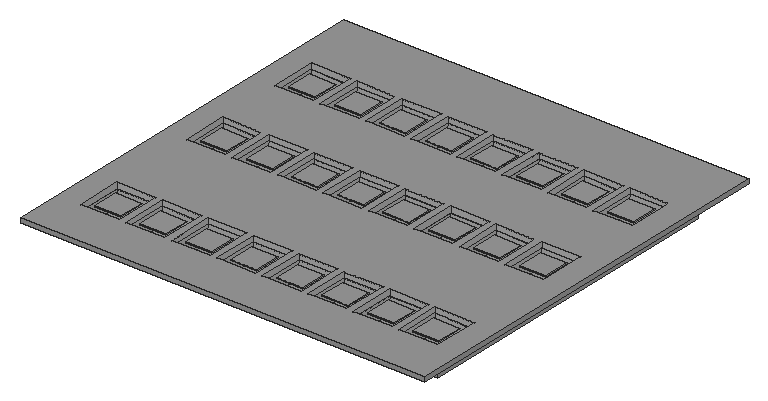
Revit family "2023871", category Lighting Fixtures, host Face, Revit 2018
Family settings
  Host = Face
  Round Connector Dimension = Use Diameter
  Part Type = Normal
  OmniClass Number = 23.80.70.00
  OmniClass Title = Lighting
  Cut with Voids When Loaded = No
  Light Source = Yes
  Shared = No
  Room Calculation Point = No
Parameters (values of type "2023871 OPTIX R 625 3L LUMI 4K ALU DA")
  Weight = "n/a"
  Wattage Comments = ""
  Wattage = 9.2903 W
  WarrantyStartDate [instance] = "n/a"
  WarrantyGuarantorParts = "n/a"
  WarrantyDurationUnit = "n/a"
  WarrantyDurationParts = ""
  WarrantyDescription = "http://www.sylvania-lighting.com"
  built-in parameter 1150110 = 1 (stored number, unit not read)
  Voltage = 0 V
  URL = "1"
  TypeName = "OPTIX RECESSED 625 3L LUMI 4K ALU DALI"
  Type Image = <None>
  Type Comments = "n/a"
  built-in parameter 1114217 = 1 (stored number, unit not read)
  Tilt Angle = -90.00°
  built-in parameter 1150109 = 1 (stored number, unit not read)
  built-in parameter 1150134 = 3
  built-in parameter 1150113 = 1 (stored number, unit not read)
  SerialNumber [instance] = "n/a"
  Photometric Web File = "2023871.ies"
  Material_3_SYL = none
  PowerFactor = 0
  PowerConsumption = "Lighting"
  NominalLength = 621 mm
  NominalHeight = 38 mm
  NominalDepth = 620 mm
  Name = "OPTIX RECESSED 625 3L LUMI 4K ALU DALI"
  ModelReference = Name  # "OPTIX RECESSED 625 3L LUMI 4K ALU DALI"
  ModelNumber = "2023871"
  Model = Name  # "OPTIX RECESSED 625 3L LUMI 4K ALU DALI"
  Material = "Feilo Sylvania"
  ManufacturerName = "102 lm/W"
  Manufacturer = ""
  LuminousEfficacy = ""
  built-in parameter 1150105 = 109.82 (stored number, unit not read)
  Lumens = 1380 lm
  LuminaireType = "0"
  built-in parameter 1150115 = 1 (stored number, unit not read)
  LightOutputRatio = "LED"
  built-in parameter 1150137 = (empty or 0)
  built-in parameter 1150139 = (empty or 0)
  LampsType = Lamp  # "n/a"
  LampNominalLuminous = "4000 K"
  LampMacAdamStep = "98"
  LampColourTemperature = "LED"
  LampColourRenderingIndex = "16500"
  built-in parameter 1150112 = 1 (stored number, unit not read)
  built-in parameter 1150114 = 1 (stored number, unit not read)
  Lamp = "n/a"
  Keynote = "n/a"
  InstallationDate [instance] = "n/a"
  InputVoltage = "0"
  InputNominalFrequency = "4000"
  built-in parameter 1150132 = (empty or 0)
  built-in parameter 1150102 = (empty or 0)
  built-in parameter 1150107 = 3200 (stored number, unit not read)
  built-in parameter 1150138 = (empty or 0)
  IngressProtection = "IfcLightFixtureType"
  ImpactProtectionIndex = "IfcLightFixtureType"
  built-in parameter 1150106 = 1.0982 (stored number, unit not read)
  IfcExportType = "IfcLightFixtureType"
  IfcExportAs = "Class I"
  Emit from Circle Diameter = 609.6 mm
  Emit Shape Visible in Rendering = no
  ElectricShockClassification = "102"
  built-in parameter 1150104 = 13.8 (stored number, unit not read)
  DocumentationLiterature = "http://www.sylvania-lighting.com/product/en-int/products/2023871"
  DimmingControlOptions = "n/a"
  Material_2_SYL = none
  Dimming Lamp Color Temperature Shift = <None>
  Description = "OPTIX RECESSED 625 3L LUMI 4000K ALU DALI is a ceiling recessed luminaire for office and education applications with Aluminised plastic extra low glare optics and RAL9016 colour fixture body. DALI dimmable. 4000K Neutral White LED, chromaticity tolerance of 3-step MacAdam ellipse. For 4000K - Colour rendering index Ra >98; Melanopic Ratio MEER: 0.776; Fidelity Index Rᶠ: 94; Gamut Index Rᶢ: 98. For 4000K luminous flux: 3750lm. Power consumption: 37W. Luminaire efficacy: 102lm/W. UGR<16 Luminance at 65°<200 Cd/m2, IK07, IP20. Photobiological safety risk group 0. Electrical protection Class I. Glow wire test 850°C. 60,000hrs L80B20 lifespan."
  Default Elevation = 1219.2 mm
  CreatedOn = "13/10/2022"
  CreatedBy = "@sylvania-lighting.com"
  Cost = 0
  Color Filter = 16777215
  built-in parameter 1114216 [instance] = (empty or 0)
  ClassificationValue = "EF_70_80"
  ClassificationName = "Uniclass2015"
  Material_1_SYL = none
  BarCode [instance] = "n/a"
  built-in parameter 1114218 = 1 (stored number, unit not read)
  built-in parameter 1150133 = 10 (stored number, unit not read)
  AssetType = "Fixed"
  AssetIdentifier [instance] = "n/a"
  Assembly Code = "D5020200"
  Apparent Load = 37 VA
  Material_4_SYL = none
Reference planes
  plane 1 "Center (Front/Back)": y = 0
  plane 2: z = 0
  plane 3 "Center (Left/Right)": x = 0
  plane 4: x = -310.5
  plane 5: x = 310.5
  plane 6: y = 310
  plane 7: y = -310
  plane 8: x = -281.5
  plane 9: x = 281.5
  plane 10: y = 250
  plane 11: y = -250
  plane 12: z = -32
  plane 13: z = 6
  plane 14: y = 204
  plane 15: y = -204
  plane 16: y = 134
  plane 17: y = -134
  plane 18: x = -280
  plane 19: x = 280
  plane 20: x = -275.2
  plane 21: x = -215.2
  plane 22: x = -205.4
  plane 23: x = -145.397
  plane 24: x = -135.597
  plane 25: x = -75.597
  plane 26: x = -65.797
  plane 27: x = -5.797
  plane 28: x = 4.003
  plane 29: x = 64.003
  plane 30: x = 73.803
  plane 31: x = 143.603
  plane 32: x = 133.803
  plane 33: x = 203.603
  plane 34: x = 213.403
  plane 35: x = 273.403
  plane 36: y = 149
  plane 37: y = 189
  plane 38: x = -225.2
  plane 39: x = -265.2
  plane 40: y = 169
  plane 41: y = 35
  plane 42: y = -35
  plane 43: x = -275.2
  plane 44: x = -215.2
  plane 45: x = -205.4
  plane 46: x = -145.397
  plane 47: x = -135.597
  plane 48: x = -75.597
  plane 49: x = -65.797
  plane 50: x = -5.797
  plane 51: x = 4.003
  plane 52: x = 64.003
  plane 53: x = 73.803
  plane 54: x = 143.603
  plane 55: x = 133.803
  plane 56: x = 203.603
  plane 57: x = 213.403
  plane 58: x = 273.403
  plane 59: y = -20
  plane 60: y = 20
  plane 61: x = -225.2
  plane 62: x = -265.2
  plane 63: y = 0
  plane 64: x = -275.2
  plane 65: x = -215.2
  plane 66: x = -205.4
  plane 67: x = -145.397
  plane 68: x = -135.597
  plane 69: x = -75.597
  plane 70: x = -65.797
  plane 71: x = -5.797
  plane 72: x = 4.003
  plane 73: x = 64.003
  plane 74: x = 73.803
  plane 75: x = 143.603
  plane 76: x = 133.803
  plane 77: x = 203.603
  plane 78: x = 213.403
  plane 79: x = 273.403
  plane 80: y = -224
  plane 81: y = -184
  plane 82: x = -225.2
  plane 83: x = -265.2
Forms (mm)
  Extrusion 1, solid, material "Aluminum", detail levels medium+fine
    sketch origin (0, 0, 0) x (1, 0, 0) y (0, 1, 0)
      loop
        line (-310.5, 310) -> (-310.5, -310) -> (310.5, -310) -> (310.5, 310) -> (-310.5, 310)
    from 0 to 6
  Extrusion 2, solid, material "Aluminum", detail levels medium+fine
    sketch origin (0, 0, 0) x (1, 0, 0) y (0, 1, 0)
      loop
        line (-281.5, 250) -> (-281.5, -250) -> (281.5, -250) -> (281.5, 250) -> (-281.5, 250)
    from 0 to -32
  Blend 3, void
    base sketch origin (0, 0, 0) x (1, 0, 0) y (0, 1, 0)
      loop
        line (-275.2, 204) -> (-275.2, 134) -> (-215.2, 134) -> (-215.2, 204) -> (-275.2, 204)
    top sketch origin (0, 0, 0) x (1, 0, 0) y (0, 1, 0)
      loop
        line (-265.2, 189) -> (-265.2, 149) -> (-225.2, 149) -> (-225.2, 189) -> (-265.2, 189)
    from 6 to -19
  Blend 4, void
    base sketch origin (69.8, 0, 0) x (1, 0, 0) y (0, 1, 0)
      loop
        line (-275.2, 204) -> (-275.2, 134) -> (-215.2, 134) -> (-215.2, 204) -> (-275.2, 204)
    top sketch origin (69.8, 0, 0) x (1, 0, 0) y (0, 1, 0)
      loop
        line (-265.2, 189) -> (-265.2, 149) -> (-225.2, 149) -> (-225.2, 189) -> (-265.2, 189)
    from 6 to -19
  Blend 5, void
    base sketch origin (139.603, 0, 0) x (1, 0, 0) y (0, 1, 0)
      loop
        line (-275.2, 204) -> (-275.2, 134) -> (-215.2, 134) -> (-215.2, 204) -> (-275.2, 204)
    top sketch origin (139.603, 0, 0) x (1, 0, 0) y (0, 1, 0)
      loop
        line (-265.2, 189) -> (-265.2, 149) -> (-225.2, 149) -> (-225.2, 189) -> (-265.2, 189)
    from 6 to -19
  Blend 6, void
    base sketch origin (209.403, 0, 0) x (1, 0, 0) y (0, 1, 0)
      loop
        line (-275.2, 204) -> (-275.2, 134) -> (-215.2, 134) -> (-215.2, 204) -> (-275.2, 204)
    top sketch origin (209.403, 0, 0) x (1, 0, 0) y (0, 1, 0)
      loop
        line (-265.2, 189) -> (-265.2, 149) -> (-225.2, 149) -> (-225.2, 189) -> (-265.2, 189)
    from 6 to -19
  Blend 7, void
    base sketch origin (279.203, 0, 0) x (1, 0, 0) y (0, 1, 0)
      loop
        line (-275.2, 204) -> (-275.2, 134) -> (-215.2, 134) -> (-215.2, 204) -> (-275.2, 204)
    top sketch origin (279.203, 0, 0) x (1, 0, 0) y (0, 1, 0)
      loop
        line (-265.2, 189) -> (-265.2, 149) -> (-225.2, 149) -> (-225.2, 189) -> (-265.2, 189)
    from 6 to -19
  Blend 8, void
    base sketch origin (349.003, 0, 0) x (1, 0, 0) y (0, 1, 0)
      loop
        line (-275.2, 204) -> (-275.2, 134) -> (-215.2, 134) -> (-215.2, 204) -> (-275.2, 204)
    top sketch origin (349.003, 0, 0) x (1, 0, 0) y (0, 1, 0)
      loop
        line (-265.2, 189) -> (-265.2, 149) -> (-225.2, 149) -> (-225.2, 189) -> (-265.2, 189)
    from 6 to -19
  Blend 9, void
    base sketch origin (418.803, 0, 0) x (1, 0, 0) y (0, 1, 0)
      loop
        line (-275.2, 204) -> (-275.2, 134) -> (-215.2, 134) -> (-215.2, 204) -> (-275.2, 204)
    top sketch origin (418.803, 0, 0) x (1, 0, 0) y (0, 1, 0)
      loop
        line (-265.2, 189) -> (-265.2, 149) -> (-225.2, 149) -> (-225.2, 189) -> (-265.2, 189)
    from 6 to -19
  Blend 10, void
    base sketch origin (488.603, 0, 0) x (1, 0, 0) y (0, 1, 0)
      loop
        line (-275.2, 204) -> (-275.2, 134) -> (-215.2, 134) -> (-215.2, 204) -> (-275.2, 204)
    top sketch origin (488.603, 0, 0) x (1, 0, 0) y (0, 1, 0)
      loop
        line (-265.2, 189) -> (-265.2, 149) -> (-225.2, 149) -> (-225.2, 189) -> (-265.2, 189)
    from 6 to -19
  Extrusion 11, solid, material "Glass, White, High Luminance", detail levels fine
    sketch origin (0, 0, 0) x (1, 0, 0) y (0, 1, 0)
      loop
        line (-265.2, 189) -> (-265.2, 149) -> (-225.2, 149) -> (-225.2, 189) -> (-265.2, 189)
    from 0 to 1
  Extrusion 12, solid, material "Glass, White, High Luminance", detail levels fine
    sketch origin (69.8, 0, 0) x (1, 0, 0) y (0, 1, 0)
      loop
        line (-265.2, 189) -> (-265.2, 149) -> (-225.2, 149) -> (-225.2, 189) -> (-265.2, 189)
    from 0 to 1
  Extrusion 13, solid, material "Glass, White, High Luminance", detail levels fine
    sketch origin (139.603, 0, 0) x (1, 0, 0) y (0, 1, 0)
      loop
        line (-265.2, 189) -> (-265.2, 149) -> (-225.2, 149) -> (-225.2, 189) -> (-265.2, 189)
    from 0 to 1
  Extrusion 14, solid, material "Glass, White, High Luminance", detail levels fine
    sketch origin (209.403, 0, 0) x (1, 0, 0) y (0, 1, 0)
      loop
        line (-265.2, 189) -> (-265.2, 149) -> (-225.2, 149) -> (-225.2, 189) -> (-265.2, 189)
    from 0 to 1
  Extrusion 15, solid, material "Glass, White, High Luminance", detail levels fine
    sketch origin (279.203, 0, 0) x (1, 0, 0) y (0, 1, 0)
      loop
        line (-265.2, 189) -> (-265.2, 149) -> (-225.2, 149) -> (-225.2, 189) -> (-265.2, 189)
    from 0 to 1
  Extrusion 16, solid, material "Glass, White, High Luminance", detail levels fine
    sketch origin (349.003, 0, 0) x (1, 0, 0) y (0, 1, 0)
      loop
        line (-265.2, 189) -> (-265.2, 149) -> (-225.2, 149) -> (-225.2, 189) -> (-265.2, 189)
    from 0 to 1
  Extrusion 17, solid, material "Glass, White, High Luminance", detail levels fine
    sketch origin (418.803, 0, 0) x (1, 0, 0) y (0, 1, 0)
      loop
        line (-265.2, 189) -> (-265.2, 149) -> (-225.2, 149) -> (-225.2, 189) -> (-265.2, 189)
    from 0 to 1
  Extrusion 18, solid, material "Glass, White, High Luminance", detail levels fine
    sketch origin (488.603, 0, 0) x (1, 0, 0) y (0, 1, 0)
      loop
        line (-265.2, 189) -> (-265.2, 149) -> (-225.2, 149) -> (-225.2, 189) -> (-265.2, 189)
    from 0 to 1
  Extrusion 19, solid, material "Glass, White, High Luminance", detail levels fine
    sketch origin (0, -169, 0) x (1, 0, 0) y (0, 1, 0)
      loop
        line (-265.2, 189) -> (-265.2, 149) -> (-225.2, 149) -> (-225.2, 189) -> (-265.2, 189)
    from 0 to 1
  Extrusion 20, solid, material "Glass, White, High Luminance", detail levels fine
    sketch origin (69.8, -169, 0) x (1, 0, 0) y (0, 1, 0)
      loop
        line (-265.2, 189) -> (-265.2, 149) -> (-225.2, 149) -> (-225.2, 189) -> (-265.2, 189)
    from 0 to 1
  Extrusion 21, solid, material "Glass, White, High Luminance", detail levels fine
    sketch origin (139.603, -169, 0) x (1, 0, 0) y (0, 1, 0)
      loop
        line (-265.2, 189) -> (-265.2, 149) -> (-225.2, 149) -> (-225.2, 189) -> (-265.2, 189)
    from 0 to 1
  Extrusion 22, solid, material "Glass, White, High Luminance", detail levels fine
    sketch origin (209.403, -169, 0) x (1, 0, 0) y (0, 1, 0)
      loop
        line (-265.2, 189) -> (-265.2, 149) -> (-225.2, 149) -> (-225.2, 189) -> (-265.2, 189)
    from 0 to 1
  Extrusion 23, solid, material "Glass, White, High Luminance", detail levels fine
    sketch origin (279.203, -169, 0) x (1, 0, 0) y (0, 1, 0)
      loop
        line (-265.2, 189) -> (-265.2, 149) -> (-225.2, 149) -> (-225.2, 189) -> (-265.2, 189)
    from 0 to 1
  Extrusion 24, solid, material "Glass, White, High Luminance", detail levels fine
    sketch origin (349.003, -169, 0) x (1, 0, 0) y (0, 1, 0)
      loop
        line (-265.2, 189) -> (-265.2, 149) -> (-225.2, 149) -> (-225.2, 189) -> (-265.2, 189)
    from 0 to 1
  Extrusion 25, solid, material "Glass, White, High Luminance", detail levels fine
    sketch origin (418.803, -169, 0) x (1, 0, 0) y (0, 1, 0)
      loop
        line (-265.2, 189) -> (-265.2, 149) -> (-225.2, 149) -> (-225.2, 189) -> (-265.2, 189)
    from 0 to 1
  Extrusion 26, solid, material "Glass, White, High Luminance", detail levels fine
    sketch origin (488.603, -169, 0) x (1, 0, 0) y (0, 1, 0)
      loop
        line (-265.2, 189) -> (-265.2, 149) -> (-225.2, 149) -> (-225.2, 189) -> (-265.2, 189)
    from 0 to 1
  Blend 27, void
    base sketch origin (0, -169, 0) x (1, 0, 0) y (0, 1, 0)
      loop
        line (-275.2, 204) -> (-275.2, 134) -> (-215.2, 134) -> (-215.2, 204) -> (-275.2, 204)
    top sketch origin (0, -169, 0) x (1, 0, 0) y (0, 1, 0)
      loop
        line (-265.2, 189) -> (-265.2, 149) -> (-225.2, 149) -> (-225.2, 189) -> (-265.2, 189)
    from 6 to -19
  Blend 28, void
    base sketch origin (69.8, -169, 0) x (1, 0, 0) y (0, 1, 0)
      loop
        line (-275.2, 204) -> (-275.2, 134) -> (-215.2, 134) -> (-215.2, 204) -> (-275.2, 204)
    top sketch origin (69.8, -169, 0) x (1, 0, 0) y (0, 1, 0)
      loop
        line (-265.2, 189) -> (-265.2, 149) -> (-225.2, 149) -> (-225.2, 189) -> (-265.2, 189)
    from 6 to -19
  Blend 29, void
    base sketch origin (139.603, -169, 0) x (1, 0, 0) y (0, 1, 0)
      loop
        line (-275.2, 204) -> (-275.2, 134) -> (-215.2, 134) -> (-215.2, 204) -> (-275.2, 204)
    top sketch origin (139.603, -169, 0) x (1, 0, 0) y (0, 1, 0)
      loop
        line (-265.2, 189) -> (-265.2, 149) -> (-225.2, 149) -> (-225.2, 189) -> (-265.2, 189)
    from 6 to -19
  Blend 30, void
    base sketch origin (209.403, -169, 0) x (1, 0, 0) y (0, 1, 0)
      loop
        line (-275.2, 204) -> (-275.2, 134) -> (-215.2, 134) -> (-215.2, 204) -> (-275.2, 204)
    top sketch origin (209.403, -169, 0) x (1, 0, 0) y (0, 1, 0)
      loop
        line (-265.2, 189) -> (-265.2, 149) -> (-225.2, 149) -> (-225.2, 189) -> (-265.2, 189)
    from 6 to -19
  Blend 31, void
    base sketch origin (279.203, -169, 0) x (1, 0, 0) y (0, 1, 0)
      loop
        line (-275.2, 204) -> (-275.2, 134) -> (-215.2, 134) -> (-215.2, 204) -> (-275.2, 204)
    top sketch origin (279.203, -169, 0) x (1, 0, 0) y (0, 1, 0)
      loop
        line (-265.2, 189) -> (-265.2, 149) -> (-225.2, 149) -> (-225.2, 189) -> (-265.2, 189)
    from 6 to -19
  Blend 32, void
    base sketch origin (349.003, -169, 0) x (1, 0, 0) y (0, 1, 0)
      loop
        line (-275.2, 204) -> (-275.2, 134) -> (-215.2, 134) -> (-215.2, 204) -> (-275.2, 204)
    top sketch origin (349.003, -169, 0) x (1, 0, 0) y (0, 1, 0)
      loop
        line (-265.2, 189) -> (-265.2, 149) -> (-225.2, 149) -> (-225.2, 189) -> (-265.2, 189)
    from 6 to -19
  Blend 33, void
    base sketch origin (418.803, -169, 0) x (1, 0, 0) y (0, 1, 0)
      loop
        line (-275.2, 204) -> (-275.2, 134) -> (-215.2, 134) -> (-215.2, 204) -> (-275.2, 204)
    top sketch origin (418.803, -169, 0) x (1, 0, 0) y (0, 1, 0)
      loop
        line (-265.2, 189) -> (-265.2, 149) -> (-225.2, 149) -> (-225.2, 189) -> (-265.2, 189)
    from 6 to -19
  Blend 34, void
    base sketch origin (488.603, -169, 0) x (1, 0, 0) y (0, 1, 0)
      loop
        line (-275.2, 204) -> (-275.2, 134) -> (-215.2, 134) -> (-215.2, 204) -> (-275.2, 204)
    top sketch origin (488.603, -169, 0) x (1, 0, 0) y (0, 1, 0)
      loop
        line (-265.2, 189) -> (-265.2, 149) -> (-225.2, 149) -> (-225.2, 189) -> (-265.2, 189)
    from 6 to -19
  Extrusion 35, solid, material "Glass, White, High Luminance", detail levels fine
    sketch origin (0, -373, 0) x (1, 0, 0) y (0, 1, 0)
      loop
        line (-265.2, 189) -> (-265.2, 149) -> (-225.2, 149) -> (-225.2, 189) -> (-265.2, 189)
    from 0 to 1
  Extrusion 36, solid, material "Glass, White, High Luminance", detail levels fine
    sketch origin (69.8, -373, 0) x (1, 0, 0) y (0, 1, 0)
      loop
        line (-265.2, 189) -> (-265.2, 149) -> (-225.2, 149) -> (-225.2, 189) -> (-265.2, 189)
    from 0 to 1
  Extrusion 37, solid, material "Glass, White, High Luminance", detail levels fine
    sketch origin (139.603, -373, 0) x (1, 0, 0) y (0, 1, 0)
      loop
        line (-265.2, 189) -> (-265.2, 149) -> (-225.2, 149) -> (-225.2, 189) -> (-265.2, 189)
    from 0 to 1
  Extrusion 38, solid, material "Glass, White, High Luminance", detail levels fine
    sketch origin (209.403, -373, 0) x (1, 0, 0) y (0, 1, 0)
      loop
        line (-265.2, 189) -> (-265.2, 149) -> (-225.2, 149) -> (-225.2, 189) -> (-265.2, 189)
    from 0 to 1
  Extrusion 39, solid, material "Glass, White, High Luminance", detail levels fine
    sketch origin (279.203, -373, 0) x (1, 0, 0) y (0, 1, 0)
      loop
        line (-265.2, 189) -> (-265.2, 149) -> (-225.2, 149) -> (-225.2, 189) -> (-265.2, 189)
    from 0 to 1
  Extrusion 40, solid, material "Glass, White, High Luminance", detail levels fine
    sketch origin (349.003, -373, 0) x (1, 0, 0) y (0, 1, 0)
      loop
        line (-265.2, 189) -> (-265.2, 149) -> (-225.2, 149) -> (-225.2, 189) -> (-265.2, 189)
    from 0 to 1
  Extrusion 41, solid, material "Glass, White, High Luminance", detail levels fine
    sketch origin (418.803, -373, 0) x (1, 0, 0) y (0, 1, 0)
      loop
        line (-265.2, 189) -> (-265.2, 149) -> (-225.2, 149) -> (-225.2, 189) -> (-265.2, 189)
    from 0 to 1
  Extrusion 42, solid, material "Glass, White, High Luminance", detail levels fine
    sketch origin (488.603, -373, 0) x (1, 0, 0) y (0, 1, 0)
      loop
        line (-265.2, 189) -> (-265.2, 149) -> (-225.2, 149) -> (-225.2, 189) -> (-265.2, 189)
    from 0 to 1
  Blend 43, void
    base sketch origin (0, -373, 0) x (1, 0, 0) y (0, 1, 0)
      loop
        line (-275.2, 204) -> (-275.2, 134) -> (-215.2, 134) -> (-215.2, 204) -> (-275.2, 204)
    top sketch origin (0, -373, 0) x (1, 0, 0) y (0, 1, 0)
      loop
        line (-265.2, 189) -> (-265.2, 149) -> (-225.2, 149) -> (-225.2, 189) -> (-265.2, 189)
    from 6 to -19
  Blend 44, void
    base sketch origin (69.8, -373, 0) x (1, 0, 0) y (0, 1, 0)
      loop
        line (-275.2, 204) -> (-275.2, 134) -> (-215.2, 134) -> (-215.2, 204) -> (-275.2, 204)
    top sketch origin (69.8, -373, 0) x (1, 0, 0) y (0, 1, 0)
      loop
        line (-265.2, 189) -> (-265.2, 149) -> (-225.2, 149) -> (-225.2, 189) -> (-265.2, 189)
    from 6 to -19
  Blend 45, void
    base sketch origin (139.603, -373, 0) x (1, 0, 0) y (0, 1, 0)
      loop
        line (-275.2, 204) -> (-275.2, 134) -> (-215.2, 134) -> (-215.2, 204) -> (-275.2, 204)
    top sketch origin (139.603, -373, 0) x (1, 0, 0) y (0, 1, 0)
      loop
        line (-265.2, 189) -> (-265.2, 149) -> (-225.2, 149) -> (-225.2, 189) -> (-265.2, 189)
    from 6 to -19
  Blend 46, void
    base sketch origin (209.403, -373, 0) x (1, 0, 0) y (0, 1, 0)
      loop
        line (-275.2, 204) -> (-275.2, 134) -> (-215.2, 134) -> (-215.2, 204) -> (-275.2, 204)
    top sketch origin (209.403, -373, 0) x (1, 0, 0) y (0, 1, 0)
      loop
        line (-265.2, 189) -> (-265.2, 149) -> (-225.2, 149) -> (-225.2, 189) -> (-265.2, 189)
    from 6 to -19
  Blend 47, void
    base sketch origin (279.203, -373, 0) x (1, 0, 0) y (0, 1, 0)
      loop
        line (-275.2, 204) -> (-275.2, 134) -> (-215.2, 134) -> (-215.2, 204) -> (-275.2, 204)
    top sketch origin (279.203, -373, 0) x (1, 0, 0) y (0, 1, 0)
      loop
        line (-265.2, 189) -> (-265.2, 149) -> (-225.2, 149) -> (-225.2, 189) -> (-265.2, 189)
    from 6 to -19
  Blend 48, void
    base sketch origin (349.003, -373, 0) x (1, 0, 0) y (0, 1, 0)
      loop
        line (-275.2, 204) -> (-275.2, 134) -> (-215.2, 134) -> (-215.2, 204) -> (-275.2, 204)
    top sketch origin (349.003, -373, 0) x (1, 0, 0) y (0, 1, 0)
      loop
        line (-265.2, 189) -> (-265.2, 149) -> (-225.2, 149) -> (-225.2, 189) -> (-265.2, 189)
    from 6 to -19
  Blend 49, void
    base sketch origin (418.803, -373, 0) x (1, 0, 0) y (0, 1, 0)
      loop
        line (-275.2, 204) -> (-275.2, 134) -> (-215.2, 134) -> (-215.2, 204) -> (-275.2, 204)
    top sketch origin (418.803, -373, 0) x (1, 0, 0) y (0, 1, 0)
      loop
        line (-265.2, 189) -> (-265.2, 149) -> (-225.2, 149) -> (-225.2, 189) -> (-265.2, 189)
    from 6 to -19
  Blend 50, void
    base sketch origin (488.603, -373, 0) x (1, 0, 0) y (0, 1, 0)
      loop
        line (-275.2, 204) -> (-275.2, 134) -> (-215.2, 134) -> (-215.2, 204) -> (-275.2, 204)
    top sketch origin (488.603, -373, 0) x (1, 0, 0) y (0, 1, 0)
      loop
        line (-265.2, 189) -> (-265.2, 149) -> (-225.2, 149) -> (-225.2, 189) -> (-265.2, 189)
    from 6 to -19
  Extrusion 51, solid, detail levels coarse
    sketch origin (0, 0, 0) x (1, 0, 0) y (0, 0, 1)
      loop
        line (-310.5, 6) -> (-310.5, -32) -> (310, -32) -> (310, 6) -> (-310.5, 6)
    from -310 to 310
Cuts and joins
  Blend 3, Blend 4, Blend 5, Blend 6, Blend 7, Blend 8, Blend 9, Blend 10, Blend 27, Blend 28, Blend 29, Blend 30, Blend 31, Blend 32, Blend 33, Blend 34, Blend 43, Blend 44, Blend 45, Blend 46, Blend 47, Blend 48, Blend 49, Blend 50 cuts Extrusion 1
  Blend 3, Blend 4, Blend 5, Blend 6, Blend 7, Blend 8, Blend 9, Blend 10, Blend 27, Blend 28, Blend 29, Blend 30, Blend 31, Blend 32, Blend 33, Blend 34, Blend 43, Blend 44, Blend 45, Blend 46, Blend 47, Blend 48, Blend 49, Blend 50 cuts Extrusion 2
  Blend 27 cuts Extrusion 11
  Blend 28 cuts Extrusion 12
  Blend 29 cuts Extrusion 13
  Blend 30 cuts Extrusion 14
  Blend 31 cuts Extrusion 15
  Blend 32 cuts Extrusion 16
  Blend 33 cuts Extrusion 17
  Blend 34 cuts Extrusion 18
  Blend 43 cuts Extrusion 19
  Blend 44 cuts Extrusion 20
  Blend 45 cuts Extrusion 21
  Blend 46 cuts Extrusion 22
  Blend 47 cuts Extrusion 23
  Blend 48 cuts Extrusion 24
  Blend 49 cuts Extrusion 25
  Blend 50 cuts Extrusion 26
Dimensions and locks
  "NominalLength": plane 4 to plane 5
  equal spacing: plane 4, plane 3 "Center (Left/Right)", plane 5
  "NominalDepth": plane 6 to plane 7
  equal spacing: plane 6, plane 1 "Center (Front/Back)", plane 7
  plane 12 to plane 2 = 32 mm
  plane 13 to plane 2 = 6 mm
  "NominalHeight": plane 12 to plane 13
  aligned and locked: plane 2 to host face
  aligned and locked: level to host face
Automatic sketch dimensions
  host sketch curve to host sketch curve = 2438.4 mm  (x2)
  Extrusion 1 sketch curve to plane 4 = 0 mm
  Extrusion 1 sketch curve to plane 5 = 0 mm
  Extrusion 1 sketch curve to plane 7 = 0 mm
  Extrusion 1 sketch curve to plane 6 = 0 mm
  Extrusion 2 sketch curve to plane 8 = 0 mm
  Extrusion 2 sketch curve to plane 9 = 0 mm
  Extrusion 2 sketch curve to plane 11 = 0 mm
  Extrusion 2 sketch curve to plane 10 = 0 mm
  Blend 3 sketch curve to plane 16 = 0 mm
  Blend 3 sketch curve to plane 20 = 0 mm
  Blend 3 sketch curve to plane 21 = 0 mm
  Blend 3 sketch curve to plane 14 = 0 mm
  Blend 3 sketch curve to plane 36 = 0 mm
  Blend 3 sketch curve to plane 39 = 0 mm
  Blend 3 sketch curve to plane 38 = 0 mm
  Blend 3 sketch curve to plane 37 = 0 mm
  Blend 4 sketch curve to plane 16 = 0 mm
  Blend 4 sketch curve to plane 22 = 0 mm
  Blend 4 sketch curve to plane 14 = 0 mm
  Blend 4 sketch curve to plane 23 = 0.003 mm
  Blend 4 sketch curve to plane 36 = 0 mm
  Blend 4 sketch curve to plane 37 = 0 mm
  plane 22 to Blend 4 sketch curve = 10 mm
  Blend 4 sketch curve to plane 23 = 10.003 mm
  Blend 5 sketch curve to plane 16 = 0 mm
  Blend 5 sketch curve to plane 24 = 0 mm
  Blend 5 sketch curve to plane 25 = 0 mm
  Blend 5 sketch curve to plane 14 = 0 mm
  plane 36 to Blend 5 sketch curve = 0 mm
  plane 37 to Blend 5 sketch curve = 0 mm
  plane 24 to Blend 5 sketch curve = 10 mm
  Blend 5 sketch curve to plane 25 = 10 mm
  Blend 6 sketch curve to plane 16 = 0 mm
  Blend 6 sketch curve to plane 26 = 0 mm
  Blend 6 sketch curve to plane 27 = 0 mm
  Blend 6 sketch curve to plane 14 = 0 mm
  plane 36 to Blend 6 sketch curve = 0 mm
  plane 37 to Blend 6 sketch curve = 0 mm
  plane 26 to Blend 6 sketch curve = 10 mm
  Blend 6 sketch curve to plane 27 = 10 mm
  Blend 7 sketch curve to plane 16 = 0 mm
  Blend 7 sketch curve to plane 28 = 0 mm
  Blend 7 sketch curve to plane 29 = 0 mm
  Blend 7 sketch curve to plane 14 = 0 mm
  plane 36 to Blend 7 sketch curve = 0 mm
  plane 37 to Blend 7 sketch curve = 0 mm
  plane 28 to Blend 7 sketch curve = 10 mm
  Blend 7 sketch curve to plane 29 = 10 mm
  Blend 8 sketch curve to plane 16 = 0 mm
  Blend 8 sketch curve to plane 30 = 0 mm
  Blend 8 sketch curve to plane 32 = 0 mm
  Blend 8 sketch curve to plane 14 = 0 mm
  plane 36 to Blend 8 sketch curve = 0 mm
  plane 37 to Blend 8 sketch curve = 0 mm
  plane 30 to Blend 8 sketch curve = 10 mm
  Blend 8 sketch curve to plane 32 = 10 mm
  Blend 9 sketch curve to plane 16 = 0 mm
  Blend 9 sketch curve to plane 31 = 0 mm
  Blend 9 sketch curve to plane 33 = 0 mm
  Blend 9 sketch curve to plane 14 = 0 mm
  plane 36 to Blend 9 sketch curve = 0 mm
  plane 37 to Blend 9 sketch curve = 0 mm
  plane 31 to Blend 9 sketch curve = 10 mm
  Blend 9 sketch curve to plane 33 = 10 mm
  Blend 10 sketch curve to plane 16 = 0 mm
  Blend 10 sketch curve to plane 34 = 0 mm
  Blend 10 sketch curve to plane 35 = 0 mm
  Blend 10 sketch curve to plane 14 = 0 mm
  plane 36 to Blend 10 sketch curve = 0 mm
  plane 37 to Blend 10 sketch curve = 0 mm
  plane 34 to Blend 10 sketch curve = 10 mm
  Blend 10 sketch curve to plane 35 = 10 mm
  Extrusion 11 sketch curve to plane 36 = 0 mm
  Extrusion 11 sketch curve to plane 39 = 0 mm
  Extrusion 11 sketch curve to plane 38 = 0 mm
  Extrusion 11 sketch curve to plane 37 = 0 mm
  Extrusion 12 sketch curve to plane 36 = 0 mm
  Extrusion 12 sketch curve to plane 37 = 0 mm
  plane 22 to Extrusion 12 sketch curve = 10 mm
  Extrusion 12 sketch curve to plane 23 = 10.003 mm
  plane 36 to Extrusion 13 sketch curve = 0 mm
  plane 37 to Extrusion 13 sketch curve = 0 mm
  plane 24 to Extrusion 13 sketch curve = 10 mm
  Extrusion 13 sketch curve to plane 25 = 10 mm
  plane 36 to Extrusion 14 sketch curve = 0 mm
  plane 37 to Extrusion 14 sketch curve = 0 mm
  plane 26 to Extrusion 14 sketch curve = 10 mm
  Extrusion 14 sketch curve to plane 27 = 10 mm
  plane 36 to Extrusion 15 sketch curve = 0 mm
  plane 37 to Extrusion 15 sketch curve = 0 mm
  plane 28 to Extrusion 15 sketch curve = 10 mm
  Extrusion 15 sketch curve to plane 29 = 10 mm
  plane 36 to Extrusion 16 sketch curve = 0 mm
  plane 37 to Extrusion 16 sketch curve = 0 mm
  plane 30 to Extrusion 16 sketch curve = 10 mm
  Extrusion 16 sketch curve to plane 32 = 10 mm
  plane 36 to Extrusion 17 sketch curve = 0 mm
  plane 37 to Extrusion 17 sketch curve = 0 mm
  plane 31 to Extrusion 17 sketch curve = 10 mm
  Extrusion 17 sketch curve to plane 33 = 10 mm
  plane 36 to Extrusion 18 sketch curve = 0 mm
  plane 37 to Extrusion 18 sketch curve = 0 mm
  plane 34 to Extrusion 18 sketch curve = 10 mm
  Extrusion 18 sketch curve to plane 35 = 10 mm
  Extrusion 19 sketch curve to plane 39 = 0 mm
  Extrusion 19 sketch curve to plane 38 = 0 mm
  Extrusion 19 sketch curve to plane 59 = 0 mm
  Extrusion 19 sketch curve to plane 60 = 0 mm
  Extrusion 20 sketch curve to plane 59 = 0 mm
  Extrusion 20 sketch curve to plane 60 = 0 mm
  plane 22 to Extrusion 20 sketch curve = 10 mm
  Extrusion 20 sketch curve to plane 23 = 10.003 mm
  plane 59 to Extrusion 21 sketch curve = 0 mm
  plane 60 to Extrusion 21 sketch curve = 0 mm
  plane 24 to Extrusion 21 sketch curve = 10 mm
  Extrusion 21 sketch curve to plane 25 = 10 mm
  plane 59 to Extrusion 22 sketch curve = 0 mm
  plane 60 to Extrusion 22 sketch curve = 0 mm
  plane 26 to Extrusion 22 sketch curve = 10 mm
  Extrusion 22 sketch curve to plane 27 = 10 mm
  plane 59 to Extrusion 23 sketch curve = 0 mm
  plane 60 to Extrusion 23 sketch curve = 0 mm
  plane 28 to Extrusion 23 sketch curve = 10 mm
  Extrusion 23 sketch curve to plane 29 = 10 mm
  plane 59 to Extrusion 24 sketch curve = 0 mm
  plane 60 to Extrusion 24 sketch curve = 0 mm
  plane 30 to Extrusion 24 sketch curve = 10 mm
  Extrusion 24 sketch curve to plane 32 = 10 mm
  plane 59 to Extrusion 25 sketch curve = 0 mm
  plane 60 to Extrusion 25 sketch curve = 0 mm
  plane 31 to Extrusion 25 sketch curve = 10 mm
  Extrusion 25 sketch curve to plane 33 = 10 mm
  plane 59 to Extrusion 26 sketch curve = 0 mm
  plane 60 to Extrusion 26 sketch curve = 0 mm
  plane 34 to Extrusion 26 sketch curve = 10 mm
  Extrusion 26 sketch curve to plane 35 = 10 mm
  Blend 27 sketch curve to plane 20 = 0 mm
  Blend 27 sketch curve to plane 21 = 0 mm
  Blend 27 sketch curve to plane 42 = 0 mm
  Blend 27 sketch curve to plane 41 = 0 mm
  Blend 27 sketch curve to plane 39 = 0 mm
  Blend 27 sketch curve to plane 38 = 0 mm
  Blend 27 sketch curve to plane 59 = 0 mm
  Blend 27 sketch curve to plane 60 = 0 mm
  Blend 28 sketch curve to plane 22 = 0 mm
  Blend 28 sketch curve to plane 42 = 0 mm
  Blend 28 sketch curve to plane 41 = 0 mm
  Blend 28 sketch curve to plane 23 = 0.003 mm
  Blend 28 sketch curve to plane 59 = 0 mm
  Blend 28 sketch curve to plane 60 = 0 mm
  plane 22 to Blend 28 sketch curve = 10 mm
  Blend 28 sketch curve to plane 23 = 10.003 mm
  Blend 29 sketch curve to plane 24 = 0 mm
  Blend 29 sketch curve to plane 25 = 0 mm
  Blend 29 sketch curve to plane 42 = 0 mm
  Blend 29 sketch curve to plane 41 = 0 mm
  plane 59 to Blend 29 sketch curve = 0 mm
  plane 60 to Blend 29 sketch curve = 0 mm
  plane 24 to Blend 29 sketch curve = 10 mm
  Blend 29 sketch curve to plane 25 = 10 mm
  Blend 30 sketch curve to plane 26 = 0 mm
  Blend 30 sketch curve to plane 27 = 0 mm
  Blend 30 sketch curve to plane 42 = 0 mm
  Blend 30 sketch curve to plane 41 = 0 mm
  plane 59 to Blend 30 sketch curve = 0 mm
  plane 60 to Blend 30 sketch curve = 0 mm
  plane 26 to Blend 30 sketch curve = 10 mm
  Blend 30 sketch curve to plane 27 = 10 mm
  Blend 31 sketch curve to plane 28 = 0 mm
  Blend 31 sketch curve to plane 29 = 0 mm
  Blend 31 sketch curve to plane 42 = 0 mm
  Blend 31 sketch curve to plane 41 = 0 mm
  plane 59 to Blend 31 sketch curve = 0 mm
  plane 60 to Blend 31 sketch curve = 0 mm
  plane 28 to Blend 31 sketch curve = 10 mm
  Blend 31 sketch curve to plane 29 = 10 mm
  Blend 32 sketch curve to plane 30 = 0 mm
  Blend 32 sketch curve to plane 32 = 0 mm
  Blend 32 sketch curve to plane 42 = 0 mm
  Blend 32 sketch curve to plane 41 = 0 mm
  plane 59 to Blend 32 sketch curve = 0 mm
  plane 60 to Blend 32 sketch curve = 0 mm
  plane 30 to Blend 32 sketch curve = 10 mm
  Blend 32 sketch curve to plane 32 = 10 mm
  Blend 33 sketch curve to plane 31 = 0 mm
  Blend 33 sketch curve to plane 33 = 0 mm
  Blend 33 sketch curve to plane 42 = 0 mm
  Blend 33 sketch curve to plane 41 = 0 mm
  plane 59 to Blend 33 sketch curve = 0 mm
  plane 60 to Blend 33 sketch curve = 0 mm
  plane 31 to Blend 33 sketch curve = 10 mm
  Blend 33 sketch curve to plane 33 = 10 mm
  Blend 34 sketch curve to plane 34 = 0 mm
  Blend 34 sketch curve to plane 35 = 0 mm
  Blend 34 sketch curve to plane 42 = 0 mm
  Blend 34 sketch curve to plane 41 = 0 mm
  plane 59 to Blend 34 sketch curve = 0 mm
  plane 60 to Blend 34 sketch curve = 0 mm
  plane 34 to Blend 34 sketch curve = 10 mm
  Blend 34 sketch curve to plane 35 = 10 mm
  Extrusion 35 sketch curve to plane 39 = 0 mm
  Extrusion 35 sketch curve to plane 38 = 0 mm
  Extrusion 35 sketch curve to plane 80 = 0 mm
  Extrusion 35 sketch curve to plane 81 = 0 mm
  Extrusion 36 sketch curve to plane 80 = 0 mm
  Extrusion 36 sketch curve to plane 81 = 0 mm
  plane 22 to Extrusion 36 sketch curve = 10 mm
  Extrusion 36 sketch curve to plane 23 = 10.003 mm
  plane 80 to Extrusion 37 sketch curve = 0 mm
  plane 81 to Extrusion 37 sketch curve = 0 mm
  plane 24 to Extrusion 37 sketch curve = 10 mm
  Extrusion 37 sketch curve to plane 25 = 10 mm
  plane 80 to Extrusion 38 sketch curve = 0 mm
  plane 81 to Extrusion 38 sketch curve = 0 mm
  plane 26 to Extrusion 38 sketch curve = 10 mm
  Extrusion 38 sketch curve to plane 27 = 10 mm
  plane 80 to Extrusion 39 sketch curve = 0 mm
  plane 81 to Extrusion 39 sketch curve = 0 mm
  plane 28 to Extrusion 39 sketch curve = 10 mm
  Extrusion 39 sketch curve to plane 29 = 10 mm
  plane 80 to Extrusion 40 sketch curve = 0 mm
  plane 81 to Extrusion 40 sketch curve = 0 mm
  plane 30 to Extrusion 40 sketch curve = 10 mm
  Extrusion 40 sketch curve to plane 32 = 10 mm
  plane 80 to Extrusion 41 sketch curve = 0 mm
  plane 81 to Extrusion 41 sketch curve = 0 mm
  plane 31 to Extrusion 41 sketch curve = 10 mm
  Extrusion 41 sketch curve to plane 33 = 10 mm
  plane 80 to Extrusion 42 sketch curve = 0 mm
  plane 81 to Extrusion 42 sketch curve = 0 mm
  plane 34 to Extrusion 42 sketch curve = 10 mm
  Extrusion 42 sketch curve to plane 35 = 10 mm
  Blend 43 sketch curve to plane 20 = 0 mm
  Blend 43 sketch curve to plane 21 = 0 mm
  plane 11 to Blend 43 sketch curve = 11 mm
  plane 81 to Blend 43 sketch curve = 15 mm
  Blend 43 sketch curve to plane 39 = 0 mm
  Blend 43 sketch curve to plane 38 = 0 mm
  Blend 43 sketch curve to plane 80 = 0 mm
  Blend 43 sketch curve to plane 81 = 0 mm
  Blend 44 sketch curve to plane 22 = 0 mm
  Blend 44 sketch curve to plane 23 = 0.003 mm
  plane 11 to Blend 44 sketch curve = 11 mm
  plane 81 to Blend 44 sketch curve = 15 mm
  Blend 44 sketch curve to plane 80 = 0 mm
  Blend 44 sketch curve to plane 81 = 0 mm
  plane 22 to Blend 44 sketch curve = 10 mm
  Blend 44 sketch curve to plane 23 = 10.003 mm
  Blend 45 sketch curve to plane 24 = 0 mm
  Blend 45 sketch curve to plane 25 = 0 mm
  plane 11 to Blend 45 sketch curve = 11 mm
  plane 81 to Blend 45 sketch curve = 15 mm
  plane 80 to Blend 45 sketch curve = 0 mm
  plane 81 to Blend 45 sketch curve = 0 mm
  plane 24 to Blend 45 sketch curve = 10 mm
  Blend 45 sketch curve to plane 25 = 10 mm
  Blend 46 sketch curve to plane 26 = 0 mm
  Blend 46 sketch curve to plane 27 = 0 mm
  plane 11 to Blend 46 sketch curve = 11 mm
  plane 81 to Blend 46 sketch curve = 15 mm
  plane 80 to Blend 46 sketch curve = 0 mm
  plane 81 to Blend 46 sketch curve = 0 mm
  plane 26 to Blend 46 sketch curve = 10 mm
  Blend 46 sketch curve to plane 27 = 10 mm
  Blend 47 sketch curve to plane 28 = 0 mm
  Blend 47 sketch curve to plane 29 = 0 mm
  plane 11 to Blend 47 sketch curve = 11 mm
  plane 81 to Blend 47 sketch curve = 15 mm
  plane 80 to Blend 47 sketch curve = 0 mm
  plane 81 to Blend 47 sketch curve = 0 mm
  plane 28 to Blend 47 sketch curve = 10 mm
  Blend 47 sketch curve to plane 29 = 10 mm
  Blend 48 sketch curve to plane 30 = 0 mm
  Blend 48 sketch curve to plane 32 = 0 mm
  plane 11 to Blend 48 sketch curve = 11 mm
  plane 81 to Blend 48 sketch curve = 15 mm
  plane 80 to Blend 48 sketch curve = 0 mm
  plane 81 to Blend 48 sketch curve = 0 mm
  plane 30 to Blend 48 sketch curve = 10 mm
  Blend 48 sketch curve to plane 32 = 10 mm
  Blend 49 sketch curve to plane 31 = 0 mm
  Blend 49 sketch curve to plane 33 = 0 mm
  plane 11 to Blend 49 sketch curve = 11 mm
  plane 81 to Blend 49 sketch curve = 15 mm
  plane 80 to Blend 49 sketch curve = 0 mm
  plane 81 to Blend 49 sketch curve = 0 mm
  plane 31 to Blend 49 sketch curve = 10 mm
  Blend 49 sketch curve to plane 33 = 10 mm
  Blend 50 sketch curve to plane 34 = 0 mm
  Blend 50 sketch curve to plane 35 = 0 mm
  plane 11 to Blend 50 sketch curve = 11 mm
  plane 81 to Blend 50 sketch curve = 15 mm
  plane 80 to Blend 50 sketch curve = 0 mm
  plane 81 to Blend 50 sketch curve = 0 mm
  plane 34 to Blend 50 sketch curve = 10 mm
  Blend 50 sketch curve to plane 35 = 10 mm
  Extrusion 51 sketch curve to plane 4 = 0 mm
  plane 9 to Extrusion 51 sketch curve = 28.5 mm
  Extrusion 51 sketch curve to plane 12 = 0 mm
  plane 13 to Extrusion 51 sketch curve = 0 mm
Connectors
  electrical at (0, 0, 0), driven by "Apparent Load", driven by "PowerFactor", driven by "Voltage"
    settings: index 1, voltage 0 V, apparent load 37 VA, apparent load phase1 0 VA, apparent load phase2 0 VA, apparent load phase3 0 VA, power factor 0, load classification "Lighting", number of poles 1, system type 30, power factor state 1, is connector primary yes, connector utility no, sub classification motor no, connector description ""
